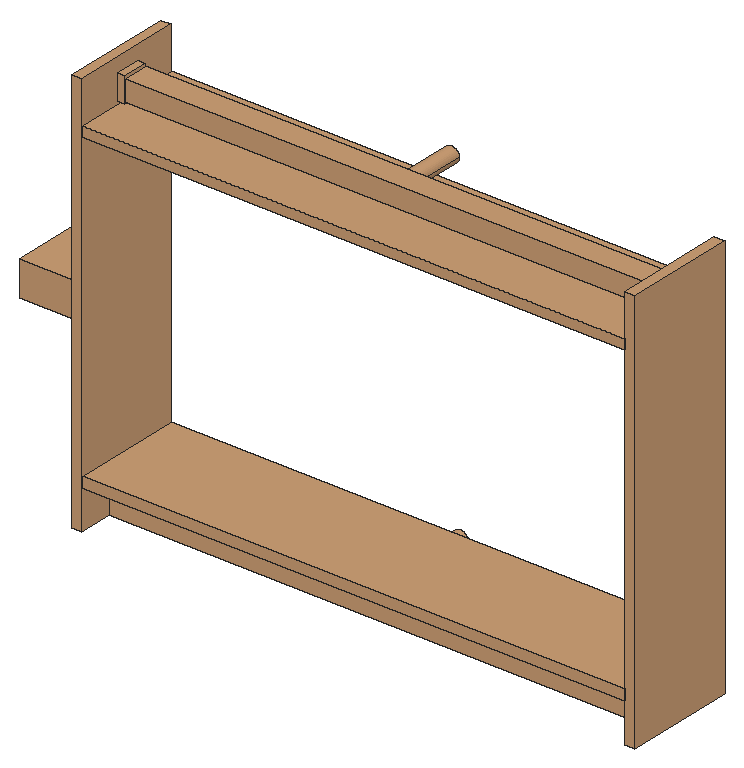
Revit family
Parameters
  Center Of Unit = 0' - 0"  # constant formula
  Water Pressure Drop [instance] = 0.00 psi
  Water Flow [instance] = 0 GPM
  Unit Weight (lbs) = 1045
  URL = "http://www.ljwing.com/"
  Water Outlet Radius = 0' - 1 1/2"
  Water Outlet Odd sizes = 0' - 0"
  Total Heating Capacity [instance] = 0.0 Btu/h
  Temperature Rise [instance] = 0 °F
  Series = "VIFB"
  Outlet Area = 44.70 SF
  Number of Rows = 1  # constant formula
  Number of Coils [instance] = 0
  Nominal Length = 9' - 3 3/16"
  Model = "VD-10"
  Manufacturer = "LJ Wing"
  Leaving Water Temperature [instance] = 0 °F
  Leaving Air Temperature [instance] = 0 °F
  Face Velocity (FPM) [instance] = 0
  Entering Water Temperature [instance] = 0 °F
  Entering Air Temperature [instance] = 0 °F
  Description = "Vertical Integral Face & Bypass Water Heating Coils"
  Hot Water Odd Sizes = 0' - 0"
  Hot Water Inlet Offset = 0' - 4 3/8"  # constant formula
  Hot Water Inlet  Radius = 0' - 1 1/2"
  Coil Face Area = Outlet Area * 0.56  # 25.032 SF
  Casing Material = ""
  Assembly Code = "D3020300"
  Air Pressure Drop [instance] = 0.00 in-wg
  Air Inlet Width = Nominal Length - 0' 4"  # 8' - 11 3/16"
  Air Inlet Height = Y  # 5' - 0"
  Air Flow [instance] = 0 CFM
  Z = 0' - 2 1/8"
  Y = 5' - 0"
  S = 0' - 9 3/4"
  Product URL = "http://www.ljwing.com/html/vifb.asp"
  OmniClass = "23-75 70 21 14"
  Nominal Height = 6' - 8"
  Nominal Depth = 1' - 10"
  R = 0' - 10 1/4"
  Q = 0' - 4 19/32"
  P = 0' - 5 1/8"
  L = 0' - 5 15/16"
Reference planes (in)
  plane 1 "Center (Front/Back)": y = 0
  plane 2: z = -30
  plane 3 "Center (Left/Right)": x = 0
  plane 4: z = 40.25
  plane 5: x = -55.59375
  plane 6: x = 55.59375
  plane 7: z = -39.75
  plane 8: z = 0
  plane 9: y = -11
  plane 10: y = 11
  plane 11: z = 30
  plane 12: z = 32
  plane 13: z = -32
  plane 14: x = 53.59375
  plane 15: x = -53.59375
  plane 16: z = 35.125
  plane 17: z = -33.8125
  plane 18: x = -51
  plane 19: x = 51
  plane 20: y = 13.125
  plane 21: y = 15.375
  plane 22: x = -66.59375
  plane 23: x = 0
  plane 24: x = 0
  plane 25: z = 37.125
  plane 26: z = 33.125
  plane 27: y = -2.5
  plane 28: y = 2.5
  plane 29: y = -4.5
Forms (in)
  Extrusion 1, solid, material "Painted Finish"
    sketch origin (0, 6, -9.75) x (1, 0, 0) y (0, 0, 1)
      loop
        line (-55.59375, -30) -> (-53.59375, -30) -> (-53.59375, 50) -> (-55.59375, 50) -> (-55.59375, -30)
      loop
        line (55.59375, -30) -> (55.59375, 50) -> (53.59375, 50) -> (53.59375, -30) -> (55.59375, -30)
    from -5 to 17
  Extrusion 2, solid, material "Painted Finish"
    sketch origin (0, 6, 0) x (1, 0, 0) y (0, 0, 1)
      loop
        line (53.59375, -30) -> (-53.59375, -30) -> (-53.59375, -32) -> (53.59375, -32) -> (53.59375, -30)
      loop
        line (53.59375, 30) -> (53.59375, 32) -> (-53.59375, 32) -> (-53.59375, 30) -> (53.59375, 30)
    from -5 to 17
  Extrusion 3, solid, material "Painted Finish"
    sketch origin (0, 10, -0.5) x (1, 0, 0) y (0, 0, 1)
      loop
        line (-55.59375, 4) -> (-66.59375, 4) -> (-66.59375, -3) -> (-55.59375, -3) -> (-55.59375, 4)
    from 0 to 20
  Extrusion 4, solid, material "Painted Finish"
    sketch origin (0, 6, 0) x (1, 0, 0) y (0, 0, 1)
      loop
        line (-51.96875, 37.125) -> (-51.96875, 33.125) -> (51.96875, 33.125) -> (51.96875, 37.125) -> (-51.96875, 37.125)
    from 3.5 to 8.5
  Extrusion 5, solid, material "Painted Finish"
    sketch origin (0, 0, 0) x (1, 0, 0) y (0, 0, 1)
      loop
        line (-51.96875, 32.625) -> (-51.96875, 37.625) -> (-53.59375, 37.625) -> (-53.59375, 32.625) -> (-51.96875, 32.625)
      loop
        line (53.59375, 32.625) -> (53.59375, 37.625) -> (51.96875, 37.625) -> (51.96875, 32.625) -> (53.59375, 32.625)
    from -2.5 to 2.5
  Extrusion 6, solid, material "Painted Finish"
    sketch origin (0, 23, 0) x (1, 0, 0) y (0, 0, 1)
      loop
        circle (0, 35.125) r 1.5
    from 9.875 to 20.5
  Extrusion 7, solid, material "Painted Finish"
    sketch origin (0, 6, 0) x (1, 0, 0) y (0, 0, 1)
      loop
        line (-53.59375, -32) -> (-53.59375, -39.75) -> (53.59375, -39.75) -> (53.59375, -32) -> (-53.59375, -32)
    from -5 to 10.5
  Extrusion 8, solid, material "Painted Finish"
    sketch origin (0, 23, 0) x (1, 0, 0) y (0, 0, 1)
      loop
        circle (0, -33.8125) r 1.5
    from 7.625 to 12
  Extrusion 9, void
    sketch origin (0, 0, 0) x (1, 0, 0) y (0, 0, 1)
      loop
        line (-53.59375, 30) -> (-53.59375, -30) -> (53.59375, -30) -> (53.59375, 30) -> (-53.59375, 30)
    from -11 to 11
Cuts and joins
  Extrusion 9 cuts Extrusion 1
  Extrusion 9 cuts Extrusion 2
Dimensions and locks (in)
  "Nominal Length": plane 6 to plane 5
  equal spacing: plane 6, plane 3 "Center (Left/Right)", plane 5
  "S": plane 2 to plane 7
  "Nominal Depth": plane 10 to plane 9
  equal spacing: plane 10, plane 1 "Center (Front/Back)", plane 9
  "Y": plane 11 to plane 2
  "R": plane 4 to plane 11
  locked: plane 12 to plane 11 at 2
  locked: plane 2 to plane 13 at 2
  "P": plane 4 to plane 16
  "L": plane 17 to plane 7
  "Q": plane 18 to plane 5
  "Q": plane 6 to plane 19
  "Z": plane 20 to plane 10
  "Hot Water Inlet Offset": plane 21 to plane 10
  locked: plane 5 to plane 22 at 11
  locked: Extrusion 3 sketch curve to Extrusion 3 sketch curve at 7
  locked: Extrusion 3 to Extrusion 3 at 20
  locked: plane 6 to plane 14 at 2
  locked: plane 15 to plane 5 at 2
  "Water Outlet Odd sizes": plane 23 to plane 3 "Center (Left/Right)"
  "Hot Water Odd Sizes": plane 3 "Center (Left/Right)" to plane 24
  equal spacing: plane 25, plane 16, plane 26
  locked: Extrusion 5 sketch curve to plane 25 at 0.5
  locked: plane 26 to Extrusion 5 sketch curve at 0.5
  locked: Extrusion 6 sketch curve to plane 16 at 0
  locked: Extrusion 6 sketch curve to plane 23 at 0
  locked: Extrusion 8 sketch curve to plane 17 at 0
  locked: Extrusion 8 sketch curve to plane 24 at 0
  locked: plane 25 to plane 26 at 4
  locked: plane 28 to plane 27 at 5
  equal spacing: plane 28, plane 1 "Center (Front/Back)", plane 27
  locked: plane 27 to plane 29 at 2
  plane 4 to plane 7 = 6' - 8"
  locked: Extrusion 5 sketch curve to Extrusion 1 at 1.625
  locked: Extrusion 5 sketch curve to Extrusion 5 sketch curve at 1.625
  locked: Extrusion 9 sketch curve to plane 11 at 0
  locked: Extrusion 9 sketch curve to plane 15 at 0
  locked: Extrusion 9 sketch curve to plane 14 at 0
  locked: Extrusion 9 sketch curve to plane 2 at 0
  equal spacing: plane 11, plane 8, plane 2
  "Water Outlet Radius": radius of Extrusion 6 sketch curve
  "Hot Water Inlet  Radius": radius of Extrusion 8 sketch curve
  aligned and locked: Extrusion 1 to plane 9
  aligned and locked: Extrusion 1 to plane 10
  aligned and locked: Extrusion 1 to plane 15
  aligned and locked: Extrusion 1 to plane 14
  aligned and locked: Extrusion 2 to plane 9
  aligned and locked: plane 9 to Extrusion 1
  aligned and locked: plane 10 to Extrusion 1  (x2)
  aligned and locked: Extrusion 2 to plane 10
  aligned and locked: plane 10 to Extrusion 2  (x2)
  aligned and locked: plane 9 to Extrusion 2  (x2)
  aligned and locked: plane 5 to Extrusion 3
  aligned and locked: Extrusion 5 sketch curve to plane 15
  aligned and locked: Extrusion 5 sketch curve to Extrusion 4
  aligned and locked: Extrusion 6 to plane 20
  aligned and locked: Extrusion 1 to Extrusion 7
  aligned and locked: Extrusion 8 to plane 10
  aligned and locked: plane 21 to Extrusion 8
  aligned and locked: plane 27 to Extrusion 5
  aligned and locked: Extrusion 5 to Extrusion 4  (x2)
  aligned and locked: Extrusion 5 to plane 28
  aligned and locked: Extrusion 6 to Extrusion 4
  aligned and locked: Extrusion 7 to plane 29  (x2)
  aligned and locked: Extrusion 8 to Extrusion 7
  aligned and locked: Extrusion 4 to Extrusion 5  (x2)
  aligned and locked: Extrusion 5 to Extrusion 1  (x2)
  aligned and locked: plane 2 to Extrusion 2
  aligned and locked: Extrusion 1 sketch curve to plane 6
  aligned and locked: Extrusion 1 sketch curve to plane 14
  aligned and locked: Extrusion 1 sketch curve to plane 15
  aligned and locked: Extrusion 1 sketch curve to plane 5
  aligned and locked: plane 7 to Extrusion 1 sketch curve  (x2)
  aligned and locked: Extrusion 1 sketch curve to plane 4  (x2)
  aligned and locked: Extrusion 2 sketch curve to plane 11
  aligned and locked: Extrusion 2 sketch curve to plane 12
  aligned and locked: Extrusion 2 sketch curve to plane 14  (x2)
  aligned and locked: Extrusion 2 sketch curve to plane 15  (x2)
  aligned and locked: Extrusion 2 sketch curve to plane 13
  aligned and locked: plane 2 to Extrusion 2 sketch curve
  aligned and locked: plane 13 to Extrusion 7 sketch curve
  aligned and locked: Extrusion 7 sketch curve to plane 7
  aligned and locked: Extrusion 7 sketch curve to plane 14
  aligned and locked: Extrusion 7 sketch curve to plane 15
  aligned and locked: cut or joined group of Extrusion 1, Extrusion 9 to plane 10
  aligned and locked: Extrusion 8 to plane 21
Automatic sketch dimensions
  Extrusion 3 sketch curve to plane 22 = 0' - 0"
  Extrusion 3 sketch curve to plane 5 = 0' - 0"
  plane 8 to Extrusion 3 sketch curve = 0' - 3 1/2"
  Extrusion 4 sketch curve to plane 25 = 0' - 0"
  Extrusion 4 sketch curve to plane 26 = 0' - 0"
  Extrusion 4 sketch curve to plane 18 = 0' - 0 31/32"
  plane 19 to Extrusion 4 sketch curve = 0' - 0 31/32"
  plane 26 to Extrusion 5 sketch curve = 0' - 0 1/2"
  Extrusion 5 sketch curve to plane 25 = 0' - 0 1/2"
Connectors (in)
  hvac at (0, -11, 0), driven by "Air Inlet Height", driven by "Air Inlet Width", driven by "Air Flow", driven by "Air Pressure Drop"
    settings: on Extrusion 9, index 1
  hvac at (0, 11, 0), driven by "Air Pressure Drop", driven by "Air Inlet Height", driven by "Air Inlet Width", driven by "Air Flow"
    settings: on Extrusion 9, index 2
  piping at (0, 13.125, 35.125), driven by "Water Flow", driven by "Water Outlet Radius", driven by "Water Pressure Drop"
    settings: on Extrusion 6, index 3
  piping at (0, 15.375, -33.8125), driven by "Water Flow", driven by "Water Pressure Drop", driven by "Hot Water Inlet  Radius"
    settings: on Extrusion 8, index 4
